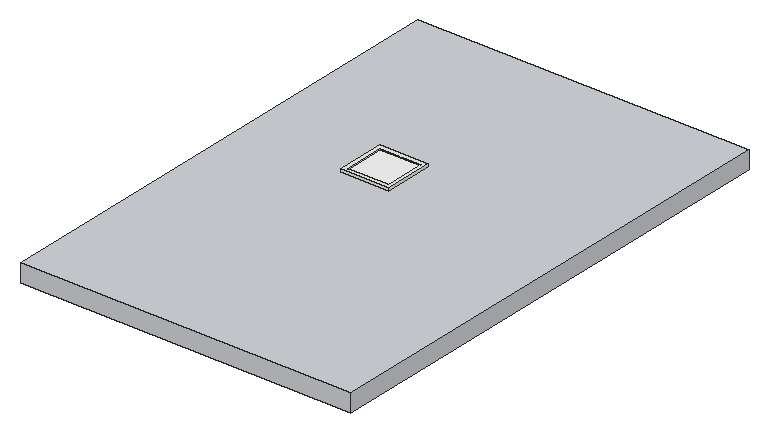
Revit family "FPL2-EQ0300xxWS8x0MPS0200", category Leuchten, Revit 2017
Family settings
  Basisbauteil = Fläche
  Bemaßung runder Anschluss = Durchmesser verwenden
  Teiletyp = Normal
  OmniClass-Nummer = 23.80.70.11
  OmniClass-Titel = Luminaries for Internal Lighting
  Beim Laden mit Abzugskörper schneiden = Nein
  Lichtquelle = Ja
  Gemeinsam genutzt = Nein
  Raumberechnungspunkt = Nein
Parameters (values of type "FPL2-EQ0300DAWS840MPS0200")
  width = 295 mm
  weight = "1.0 kg"
  voltage type (AC, DC, UC) = "AC"
  suspension hight [instance] = 200 mm
  rated input power = 18
  product name = "FPL2-EQ0300DAWS840MPS0200"
  nominal voltage = "230"
  nominal frequency = "50-60Hz"
  length = 295 mm
  ingress protection (IP) code = "IP40"
  height = 13 mm
  electrical safety class = "1"
  control gear = ""
  conformity mark = "CE"  # constant formula
  brand = "RIDI"
  approval mark = ""
  built-in parameter 1150104 = 13.8 (stored number, unit not read)
  Wattage = 11.9831 W
  Default Elevation = 0 mm
  Emit from Rectangle Length = 245 mm
  Emit from Rectangle Width = 245 mm
  built-in parameter 1150113 = 1 (stored number, unit not read)
  built-in parameter 1114218 = 1 (stored number, unit not read)
  URL = "www.ridi.de"
  built-in parameter 1150134 = 12
  built-in parameter 1150109 = 1 (stored number, unit not read)
  built-in parameter 1150110 = 1 (stored number, unit not read)
  Apparent Load = 18 VA
  Tilt Angle = 90.00°
  Modell = "0832984"
  built-in parameter 1114217 = 1 (stored number, unit not read)
  built-in parameter 1150139 = (empty or 0)
  built-in parameter 1150105 = 141.65 (stored number, unit not read)
  built-in parameter 1150114 = 1 (stored number, unit not read)
  Lumens = 1780 lm
  built-in parameter 1150115 = 1 (stored number, unit not read)
  built-in parameter 1150112 = 1 (stored number, unit not read)
  Lampe = "LED"
  Hersteller = "RIDI Leuchten GmbH"  # constant formula
  Dimming Lamp Color Temperature Shift = (empty or 0)
  Color Filter = 16777215
  built-in parameter 1150133 = 10 (stored number, unit not read)
  Emit Shape Visible in Rendering = no
  built-in parameter 1150137 = (empty or 0)
  built-in parameter 1150132 = 2
  Datei für fotometrisches Netz = "FPL2-EQ0300.IES"
  Copyright = "© RIDI. All rights reserved."  # constant formula
  built-in parameter 1150106 = 1.4165 (stored number, unit not read)
  Baugruppenkennzeichen = "D5020200"
  built-in parameter 1150107 = 4000 (stored number, unit not read)
  built-in parameter 1150102 = (empty or 0)
  built-in parameter 1150138 = (empty or 0)
Types (5, lengths in mm): name | suspension hight | rated input power | product name | Wattage | built-in parameter 1150134 | Apparent Load | Modell | built-in parameter 1150105 | Lumens | built-in parameter 1150106 | built-in parameter 1150107
  (no name) | 200 | 18 | "FPL2-EQ0300DAWS840MPS0200" | 11.9831 W | 12 | 18 VA | "0832984" | 141.65 (stored number, unit not read) | 1780 lm | 1.4165 (stored number, unit not read) | 4000 (stored number, unit not read)
  FPL2-EQ0300NDWS830MPS0200 | 0 | 17 | "FPL2-EQ0300NDWS830MPS0200" | 10.7714 W | (empty or 0) | 17 VA | "0822983" | 127.32 (stored number, unit not read) | 1600 lm | 1.2732 (stored number, unit not read) | 3000 (stored number, unit not read)
  FPL2-EQ0300DAWS830MPS0200 | 500 | 18 | "FPL2-EQ0300DAWS830MPS0200" | 11.9831 W | (empty or 0) | 18 VA | "0832983" | 141.65 (stored number, unit not read) | 1780 lm | 1.4165 (stored number, unit not read) | 3000 (stored number, unit not read)
  FPL2-EQ0300DAWS840MPS0200 | 200 | 18 | "FPL2-EQ0300DAWS840MPS0200" | 11.9831 W | 12 | 18 VA | "0832984" | 141.65 (stored number, unit not read) | 1780 lm | 1.4165 (stored number, unit not read) | 4000 (stored number, unit not read)
  FPL2-EQ0300NDWS840MPS0200 | 0 | 17 | "FPL2-EQ0300NDWS840MPS0200" | 10.7714 W | 12 | 17 VA | "0822984" | 127.32 (stored number, unit not read) | 1600 lm | 1.2732 (stored number, unit not read) | 4000 (stored number, unit not read)
Reference planes
  plane 1 "Mitte (Vorne/hinten)": y = 0
  plane 2: z = 0
  plane 3 "Mitte (Links/rechts)": x = 0
  plane 4: z = 200
Forms (mm)
  Extrusion 1, solid
    sketch origin (219.2, 280.8, 0) x (1, 0, 0) y (0, 1, 0)
      loop
        line (-1219.2, 1219.2) -> (-1219.2, -1780.8) -> (780.8, -1780.8) -> (780.8, 1219.2) -> (-1219.2, 1219.2)
    from 0 to -107.307
  Extrusion 2, solid
    sketch origin (150, -298.75, 0) x (1, 0, 0) y (0, 1, 0)
      loop
        line (-297.5, 446.25) -> (-297.5, 151.25) -> (-2.5, 151.25) -> (-2.5, 446.25) -> (-297.5, 446.25)
    from 200 to 215
  Extrusion 3, void
    sketch origin (0, 0, 0) x (1, 0, 0) y (0, 1, 0)
      loop
        line (-122.5, 122.5) -> (-122.5, -122.5) -> (122.5, -122.5) -> (122.5, 122.5) -> (-122.5, 122.5)
    from 210.954 to 215
  Extrusion 4, solid
    sketch origin (0, 0, 0) x (1, 0, 0) y (0, 1, 0)
      loop
        circle (0, -109.757) r 2.887
    from 200 to 205
Cuts and joins
  Extrusion 3 cuts Extrusion 2
Dimensions and locks
  "suspension hight": plane 4 to Extrusion 1
  Extrusion 3 sketch curve to Extrusion 2 = 25 mm  (x3)
  Extrusion 2 to Extrusion 3 sketch curve = 25 mm
  imposter light to Extrusion 1 = 215 mm
  locked: cut or joined group of Extrusion 2, Extrusion 3 to Extrusion 4 at 5.954
  locked: imposter light to plane 4 at 15
  locked: cut or joined group of Extrusion 2, Extrusion 3 to imposter light at 4.046
  locked: cut or joined group of Extrusion 2, Extrusion 3 to cut or joined group of Extrusion 2, Extrusion 3 at 15
  aligned and locked: plane 2 to Extrusion 1
  aligned and locked: level to Extrusion 1
  aligned and locked: Extrusion 2 to Extrusion 3
  aligned and locked: cut or joined group of Extrusion 2, Extrusion 3 to plane 4
  aligned and locked: Extrusion 4 to plane 4
Automatic sketch dimensions
  Extrusion 1 sketch curve to Extrusion 1 sketch curve = 2000 mm
  Extrusion 1 sketch curve to Extrusion 1 sketch curve = 3000 mm
  Extrusion 2 sketch curve to plane 1 "Mitte (Vorne/hinten)" = 147.5 mm
  plane 1 "Mitte (Vorne/hinten)" to Extrusion 2 sketch curve = 147.5 mm
  plane 3 "Mitte (Links/rechts)" to Extrusion 2 sketch curve = 147.5 mm
  Extrusion 2 sketch curve to plane 3 "Mitte (Links/rechts)" = 147.5 mm
  Extrusion 4 sketch curve to plane 3 "Mitte (Links/rechts)" = 0 mm
  plane 1 "Mitte (Vorne/hinten)" to Extrusion 4 sketch curve = 109.757 mm
  radius of Extrusion 4 sketch curve = 2.887 mm
Connectors
  electrical at (0, -109.757, 200), driven by "Apparent Load"
    settings: on Extrusion 4, index 1, voltage 230 V, apparent load 0 VA, apparent load phase1 18 VA, apparent load phase2 0 VA, apparent load phase3 0 VA, power factor 1, load classification "Lighting", number of poles 1, system type 31, power factor state 1, is connector primary yes, connector utility no, sub classification motor no, connector description ""
